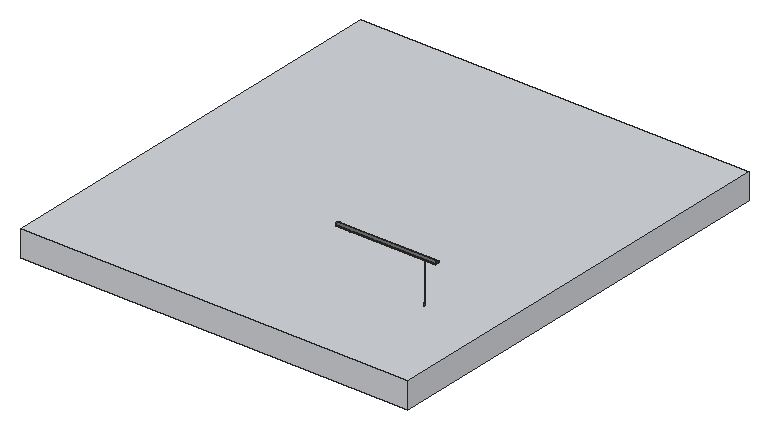
Revit family "ARKOSLIGHT_Divi indirect end", category Luminarias, Revit 2019
Family settings
  Anfitrión = Cara
  Cota de conector redondo = Diámetro de uso
  Tipo de pieza = Normal
  Corte con vacíos al cargar = No
  Origen de luz = No
  Compartido = No
  Punto de cálculo de habitación = No
Parameters (values of type "A5380231NT - DIVI INDIRECT END 3000K NT")
  User cable length [instance] = 533.1 mm
  URL = "https://www.arkoslight.com/en/products/divi/?child=diviindir"
  Modelo = ARKOSLIGHT_Model  # "DIVI"
  Fabricante = "ARKOSLIGHT"  # constant formula
  IES = IES : A5380231NT - DIVI INDIRECT END 3000K NT
  Description = ""
  Cable length [instance] = if(User cable length > 2000 mm, 2000 mm, if(User cable length < 100 mm, 100 mm, User cable length))  # 533.1 mm
  ARKOSLIGHT_IP = "20"
  ARKOSLIGHT_Series = "DIVI INDIRECT MODULE"  # constant formula
  ARKOSLIGHT_Dimming = "No Dim / DALI / Push"
  ARKOSLIGHT_Model = "DIVI"  # constant formula
  ARKOSLIGHT_Reference = "A5380231NT"
  ARKOSLIGHT_Luminous flux = 1650 lm
  ARKOSLIGHT_IES = "A538-02-3-1-NT DIVI INDIRECT END 3000K CRI90.ies"
  ARKOSLIGHT_Color = "Textured black"
  ARKOSLIGHT_Cable_Color = ARKOSLIGHT_Black
  ARKOSLIGHT_Fixture Type = "CUSTOM SYSTEMS"  # constant formula
  ARKOSLIGHT_Efficiency = "51%"
  ARKOSLIGHT_CCT = 3000 K
  ARKOSLIGHT_CRI = "CRI>90"
  ARKOSLIGHT_Body_Secondary_Color = ARKOSLIGHT_Black
  ARKOSLIGHT_Beam Angle = 115.00°
  ARKOSLIGHT_Body_Color = ARKOSLIGHT_Textured black
  Default Elevation = 0 mm
  Carga aparente = ARKOSLIGHT_Apparent Load  # 13.5 VA
  ARKOSLIGHT_Apparent Load = 13.5 VA
Types (2, lengths in mm): name | IES | ARKOSLIGHT_Reference | ARKOSLIGHT_IES | ARKOSLIGHT_Color | ARKOSLIGHT_Cable_Color | ARKOSLIGHT_Efficiency | ARKOSLIGHT_Body_Secondary_Color | ARKOSLIGHT_Body_Color
  A5380231NT - DIVI INDIRECT END 3000K NT | IES : A5380231NT - DIVI INDIRECT END 3000K NT | "A5380231NT" | "A538-02-3-1-NT DIVI INDIRECT END 3000K CRI90.ies" | "Textured black" | ARKOSLIGHT_Black | "51%" | ARKOSLIGHT_Black | ARKOSLIGHT_Textured black
  A5380231WT - DIVI INDIRECT END 3000K WT | IES : A5380231WT - DIVI INDIRECT END 3000K WT | "A5380231WT" | "A538-02-3-1-WT DIVI INDIRECT END 3000K CRI90.ies" | "Textured white" | ARKOSLIGHT_White | "58%" | ARKOSLIGHT_White | ARKOSLIGHT_Textured white
Reference planes
  plane 1 "Center (Front/Back)": y = 0
  plane 2: z = 0
  plane 3 "Center (Left/Right)": x = 0
  plane 4: x = 600
  plane 5: x = -600
  plane 6 "Bottom": z = 533.1
  plane 7: z = 501.029
  plane 8: x = 448
  plane 9 "Left connector": x = -448
  plane 10: x = -592.835
  plane 11: x = -599.5
  plane 12: x = -597.55
  plane 13: x = 592.8
  plane 14: x = 597.5
  plane 15: x = 599.5
  plane 16: y = 21.9
  plane 17: y = -21.9
  plane 18: x = -594.47
  plane 19: x = 594.47
  plane 20: z = 502.629
Forms (mm)
  Extrusion 1, solid
    sketch origin (0, 0, 0) x (1, 0, 0) y (0, 1, 0)
      loop
        line (-3414.25, 3876) -> (-3414.25, -1219.2) -> (1219.2, -1219.2) -> (1219.2, 3876) -> (-3414.25, 3876)
    from 0 to -304.8
  Revolve 2, solid, material "ARKOSLIGHT_Textured black" <- "ARKOSLIGHT_Body_Color"
    sketch origin (-249.517, 0, 1966) x (1, 0, 0) y (0, 0, -1)
      loop
        line (698.717, 1940.969) -> (702.427, 1940.969) -> (702.427, 1966) -> (697.517, 1966) -> (697.517, 1936.471) -> (698.717, 1936.471) -> (698.717, 1940.969)
      axis (697.517, 1936.471) -> (697.517, 1966)
    angle from 0 to 360
  Extrusion 3, solid, material "ARKOSLIGHT_Textured black" <- "ARKOSLIGHT_Body_Color"
    sketch origin (-600, -221.408, 1219.2) x (0, -1, 0) y (0, 0, -1)
      loop
        line (-199.508, 718.171) -> (-201.008, 718.171) -> (-201.008, 708)
        arc (-201.008, 708) -> (-221.408, 687.6) -> (-241.808, 708) r 20.4
        line (-241.808, 708) -> (-241.808, 718.171) -> (-243.308, 718.171) -> (-243.308, 708)
        arc (-243.308, 708) -> (-221.408, 686.1) -> (-199.508, 708) r 21.9
        line (-199.508, 708) -> (-199.508, 718.171)
    from 0 to 1200
  Extrusion 4, solid, material "ARKOSLIGHT_Black" <- "ARKOSLIGHT_Body_Secondary_Color"
    sketch origin (-599.5, -221.408, 1219.2) x (0, -1, 0) y (0, 0, -1)
      loop
        line (-201.308, 718.171) -> (-241.508, 718.171) -> (-241.508, 708)
        arc (-241.508, 708) -> (-221.408, 687.9) -> (-201.308, 708) r 20.1
        line (-201.308, 708) -> (-201.308, 718.171)
    from 0 to 1.95
  Extrusion 5, solid, material "ARKOSLIGHT_Black" <- "ARKOSLIGHT_Body_Secondary_Color"
    sketch origin (-599.5, -221.408, 1219.2) x (0, -1, 0) y (0, 0, -1)
      loop
        line (-201.318, 716.818) -> (-201.318, 718.171) -> (-241.497, 718.171) -> (-241.497, 716.818) -> (-201.318, 716.818)
    from 0 to 6.665
  Extrusion 6, solid, material "ARKOSLIGHT_Black" <- "ARKOSLIGHT_Body_Secondary_Color"
    sketch origin (599.5, -221.408, 1219.2) x (0, -1, 0) y (0, 0, 1)
      loop
        line (-201.308, -718.171) -> (-201.308, -708)
        arc (-201.308, -708) -> (-221.408, -687.9) -> (-241.508, -708) r 20.1
        line (-241.508, -708) -> (-241.508, -718.171) -> (-201.308, -718.171)
    from 0 to 2
  Extrusion 7, solid, material "ARKOSLIGHT_Black" <- "ARKOSLIGHT_Body_Secondary_Color"
    sketch origin (599.5, -221.408, 1219.2) x (0, -1, 0) y (0, 0, 1)
      loop
        line (-201.318, -716.818) -> (-241.497, -716.818) -> (-241.497, -718.171) -> (-201.318, -718.171) -> (-201.318, -716.818)
    from 0 to 6.7
  Extrusion 8, solid, material "ARKOSLIGHT_Light"
    sketch origin (-594.47, -221.408, 1219.2) x (0, -1, 0) y (0, 0, -1)
      loop
        line (-241.497, 715.071) -> (-201.012, 715.071) -> (-201.012, 716.571) -> (-241.497, 716.571) -> (-241.497, 715.071)
    from 0 to 1188.94
  Extrusion 9, solid, material "ARKOSLIGHT_Black" <- "ARKOSLIGHT_Cable_Color"
    sketch origin (0, 0, 0) x (1, 0, 0) y (0, 1, 0)
      loop
        circle (448, 0) r 0.3
    from 29.529 to 502.629
  Revolve 10, solid, material "ARKOSLIGHT_White"
    sketch origin (-896, 0, 468.529) x (1, 0, 0) y (0, 0, 1)
      loop
        line (448, 24.504) -> (453.978, 24.504) -> (453.978, 18.454) -> (457.589, 18.454) -> (457.589, 34.448) -> (458.984, 34.448) -> (458.984, 35.328) -> (461.53, 35.328) -> (461.53, 47.878) -> (448, 47.878) -> (448, 24.504)
      axis (448, 18.454) -> (448, 47.878)
    angle from 0 to 360
  Revolve 11, void
    sketch origin (0, 0, 468.529) x (-1, 0, 0) y (0, 0, -1)
      loop
        line (448, -34.1) -> (448, -36.128) -> (461.53, -36.128) -> (461.53, -35.328) -> (458.984, -35.328) -> (458.984, -34.1) -> (448, -34.1)
      axis (448, -34.1) -> (448, -36.128)
    angle from 0 to 360
Cuts and joins
  joined: Extrusion 4, Extrusion 5
  joined: Extrusion 6, Extrusion 7
  Revolve 11 cuts Extrusion 8
Lines and regions (mm)
  symbolic lines, style "LightingFixturesHiddenLines"
    curve 1: line (435.631, 0, 533.1) -> (460.322, 0, 533.1)
    curve 2: line (448, -12.369, 533.1) -> (448, 12.316, 533.1)
Dimensions and locks
  locked: plane 5 to plane 4 at 1200
  "Cable length": plane 6 "Bottom" to plane 2
  equal spacing: plane 5, plane 3 "Center (Left/Right)", plane 4
  locked: plane 6 "Bottom" to plane 7 at 32.071
  locked: plane 5 to plane 11 at 0.5
  locked: plane 5 to plane 12 at 2.45
  locked: plane 5 to plane 10 at 7.165
  locked: plane 15 to plane 4 at 0.5
  locked: plane 14 to plane 4 at 2.5
  locked: plane 13 to plane 4 at 7.2
  locked: Revolve 2 sketch curve to plane 2 at 25.031
  locked: Revolve 2 sketch curve to plane 2 at 29.529
  locked: plane 8 to Revolve 2 sketch curve at 1.2
  locked: plane 8 to Revolve 2 sketch curve at 4.91
  equal spacing: plane 17, plane 1 "Center (Front/Back)", plane 16
  locked: plane 16 to plane 17 at 43.8
  locked: Extrusion 5 sketch curve to plane 17 at 1.81
  locked: plane 16 to Extrusion 5 sketch curve at 1.81
  locked: plane 16 to Extrusion 7 sketch curve at 1.81
  locked: Extrusion 7 sketch curve to plane 17 at 1.81
  locked: Extrusion 8 sketch curve to plane 17 at 1.505
  locked: plane 16 to Extrusion 8 sketch curve at 1.81
  locked: plane 5 to plane 18 at 5.53
  locked: plane 19 to plane 4 at 5.53
  locked: Extrusion 9 to plane 2 at 29.529
  locked: plane 9 "Left connector" to plane 8 at 896
  equal spacing: plane 9 "Left connector", plane 3 "Center (Left/Right)", plane 8
  locked: plane 17 to Extrusion 3 sketch curve at 1.5
  locked: Extrusion 3 sketch curve to plane 16 at 1.5
  locked: plane 17 to Extrusion 6 sketch curve at 1.8
  locked: Extrusion 6 sketch curve to plane 16 at 1.8
  locked: plane 17 to Extrusion 4 sketch curve at 1.8
  locked: Extrusion 4 sketch curve to plane 16 at 1.8
  locked: Extrusion 7 sketch curve to plane 7 at 1.352
  locked: Extrusion 5 sketch curve to plane 7 at 1.352
  locked: Extrusion 8 sketch curve to plane 7 at 1.6
  locked: Extrusion 8 sketch curve to plane 7 at 3.1
  locked: plane 20 to plane 7 at 1.6
  locked: plane 9 "Left connector" to Revolve 11 sketch curve at 10.984
  locked: plane 9 "Left connector" to Revolve 11 sketch curve at 13.53
  locked: Revolve 11 sketch curve to plane 20 at 1.228
  locked: Revolve 11 sketch curve to plane 20 at 2.028
  locked: Revolve 10 sketch curve to plane 9 "Left connector" at 5.978
  locked: Revolve 10 sketch curve to plane 9 "Left connector" at 9.589
  locked: Revolve 10 sketch curve to plane 9 "Left connector" at 10.984
  locked: Revolve 10 sketch curve to plane 9 "Left connector" at 13.53
  locked: plane 7 to Revolve 10 sketch curve at 14.046
  locked: plane 7 to Revolve 10 sketch curve at 7.996
  locked: Revolve 10 sketch curve to plane 7 at 15.378
  locked: Revolve 10 sketch curve to plane 7 at 2.828
  locked: Revolve 10 sketch curve to plane 7 at 1.948
  aligned and locked: plane 2 to Extrusion 1
  aligned and locked: level to Extrusion 1
  aligned and locked: plane 8 to Revolve 2 sketch curve
  aligned and locked: Revolve 2 sketch curve to plane 8
  aligned and locked: Extrusion 3 to plane 4
  aligned and locked: Extrusion 3 to plane 5
  aligned and locked: plane 12 to Extrusion 4
  aligned and locked: plane 10 to Extrusion 5
  aligned and locked: plane 13 to Extrusion 7
  aligned and locked: plane 14 to Extrusion 6
  aligned and locked: Extrusion 8 to plane 19
  aligned and locked: plane 1 "Center (Front/Back)" to Extrusion 9 sketch curve
  aligned and locked: plane 1 "Center (Front/Back)" to curve 1
  aligned and locked: curve 2 to plane 8
  aligned and locked: plane 7 to Extrusion 3 sketch curve
  aligned and locked: Extrusion 3 sketch curve to plane 7
  aligned and locked: plane 16 to Extrusion 3 sketch curve
  aligned and locked: Extrusion 3 sketch curve to plane 17
  aligned and locked: Extrusion 6 sketch curve to plane 7
  aligned and locked: Extrusion 4 sketch curve to plane 7
  aligned and locked: plane 7 to Extrusion 7 sketch curve
  aligned and locked: plane 7 to Extrusion 5 sketch curve
  aligned and locked: plane 20 to Extrusion 9
  aligned and locked: plane 9 "Left connector" to Revolve 11 sketch curve  (x2)
  aligned and locked: plane 20 to Revolve 11 sketch curve
  aligned and locked: plane 9 "Left connector" to Revolve 10 sketch curve  (x2)
Automatic sketch dimensions
  Extrusion 1 sketch curve to Extrusion 1 sketch curve = 4633.45 mm
  Extrusion 1 sketch curve to Extrusion 1 sketch curve = 5095.2 mm
  Revolve 2 sketch curve to level = 0 mm
  Revolve 2 sketch curve to plane 6 "Bottom" = 270.8 mm
  level to Revolve 2 sketch curve = 1448.333 mm
  Extrusion 3 sketch curve to Extrusion 3 sketch curve = 0 mm
  Extrusion 3 sketch curve to plane 20 = 8.571 mm
  Extrusion 4 sketch curve to plane 20 = 8.571 mm
  plane 20 to Extrusion 6 sketch curve = 8.571 mm
  Extrusion 9 sketch curve to plane 8 = 0 mm
  curve 1 to plane 8 = 12.322 mm
  plane 8 to curve 1 = 12.369 mm
  curve 2 to plane 16 = 9.584 mm
  curve 2 to plane 17 = 9.531 mm
  level to Revolve 10 sketch curve = 147.729 mm
  plane 6 "Bottom" to Revolve 10 sketch curve = 2209.9 mm
  plane 6 "Bottom" to Revolve 11 sketch curve = 2209.9 mm
  level to Revolve 11 sketch curve = 147.729 mm
  radius of Extrusion 9 sketch curve = 0.3 mm
Nested families
  nested 1: "IES" at (0, 0, 501.029) x (1, 0, 0) z (0, 0, -1), type <- "IES", type "A5380231NT - DIVI INDIRECT END 3000K NT"
Connectors
  electrical at (0, 0, 0), driven by "Carga aparente"
    settings: on Extrusion 1, index 1, voltage 230 V, apparent load 0 VA, apparent load phase1 13.5 VA, apparent load phase2 0 VA, apparent load phase3 0 VA, power factor 1, load classification "Lighting", number of poles 1, system type 31, power factor state 1, is connector primary yes, connector utility no, sub classification motor no, connector description ""
Definition of nested family "IES"
  Parameters (values of type "A5380231NT - DIVI INDIRECT END 3000K NT")
    Wattage = 9.2903 W
    built-in parameter 1150110 = 1 (stored number, unit not read)
    URL = "https://www.arkoslight.com/en/products/divi/?child=diviindir"
    built-in parameter 1114217 = 1 (stored number, unit not read)
    built-in parameter 1150109 = 1 (stored number, unit not read)
    built-in parameter 1150134 = 3
    built-in parameter 1150113 = 1 (stored number, unit not read)
    Model = ARKOSLIGHT_Model  # "DIVI"
    Manufacturer = "ARKOSLIGHT"  # constant formula
    built-in parameter 1150105 = 439.27 (stored number, unit not read)
    Lumens = 1380 lm
    built-in parameter 1150115 = 1 (stored number, unit not read)
    Light Source Symbol Size = 50 mm  # constant formula
    built-in parameter 1150137 = (empty or 0)
    built-in parameter 1150139 = (empty or 0)
    built-in parameter 1150112 = 1 (stored number, unit not read)
    built-in parameter 1150114 = 1 (stored number, unit not read)
    built-in parameter 1150132 = (empty or 0)
    built-in parameter 1150102 = (empty or 0)
    built-in parameter 1150107 = 3000 (stored number, unit not read)
    built-in parameter 1150138 = (empty or 0)
    built-in parameter 1150106 = 4.3927 (stored number, unit not read)
    Emit from Rectangle Width = 40.2 mm  # constant formula
    Emit from Rectangle Length = 1185.6 mm  # constant formula
    Emit Shape Visible in Rendering = no
    built-in parameter 1150104 = 13.8 (stored number, unit not read)
    Dimming Lamp Color Temperature Shift = (empty or 0)
    Description = ""
    Color Filter = 16777215
    built-in parameter 1114218 = 1 (stored number, unit not read)
    built-in parameter 1150133 = 10 (stored number, unit not read)
    ARKOSLIGHT_IP = "20"
    ARKOSLIGHT_Series = "DIVI INDIRECT MODULE"  # constant formula
    ARKOSLIGHT_Dimming = "No Dim / DALI / Push"
    ARKOSLIGHT_Model = "DIVI"  # constant formula
    ARKOSLIGHT_Reference = "A5380231NT"
    ARKOSLIGHT_Luminous flux = 1650 lm
    ARKOSLIGHT_IES = "A538-02-3-1-NT DIVI INDIRECT END 3000K CRI90.ies"
    ARKOSLIGHT_Fixture Type = "CUSTOM SYSTEMS"  # constant formula
    ARKOSLIGHT_Efficiency = "51%"
    ARKOSLIGHT_CCT = 3000 K
    ARKOSLIGHT_CRI = "CRI>90"
    ARKOSLIGHT_Beam Angle = 115.00°
    Default Elevation = 0 mm
    Apparent Load = ARKOSLIGHT_Apparent Load  # 13.5 VA
    ARKOSLIGHT_Apparent Load = 13.5 VA
  Types (2, lengths in mm): name | ARKOSLIGHT_Reference | ARKOSLIGHT_IES | ARKOSLIGHT_Efficiency
    A5380231NT - DIVI INDIRECT END 3000K NT | "A5380231NT" | "A538-02-3-1-NT DIVI INDIRECT END 3000K CRI90.ies" | "51%"
    A5380231WT - DIVI INDIRECT END 3000K WT | "A5380231WT" | "A538-02-3-1-WT DIVI INDIRECT END 3000K CRI90.ies" | "58%"
  Reference planes
    plane 1 "Center (Front/Back)": y = 0
    plane 2: z = 0
    plane 3 "Center (Left/Right)": x = 0
    plane 4: x = 600
    plane 5: x = -600
    plane 6: x = -592.835
    plane 7: x = 592.8
    plane 8: y = 21.9
    plane 9: y = -21.9
    plane 10: y = 20.1
    plane 11: y = -20.1
  Forms (mm)
    Extrusion 1, solid
      sketch origin (0, 0, 0) x (1, 0, 0) y (0, 1, 0)
        loop
          line (-3414.25, 3876) -> (-3414.25, -1219.2) -> (1219.2, -1219.2) -> (1219.2, 3876) -> (-3414.25, 3876)
      from 0 to -304.8
  Dimensions and locks
    locked: plane 5 to plane 4 at 1200
    equal spacing: plane 5, plane 3 "Center (Left/Right)", plane 4
    locked: plane 5 to plane 6 at 7.165
    locked: plane 7 to plane 4 at 7.2
    equal spacing: plane 9, plane 1 "Center (Front/Back)", plane 8
    locked: plane 8 to plane 9 at 43.8
    locked: plane 8 to plane 10 at 1.8
    locked: plane 9 to plane 11 at 1.8
    aligned and locked: plane 2 to Extrusion 1
    aligned and locked: level to Extrusion 1
  Automatic sketch dimensions
    Extrusion 1 sketch curve to Extrusion 1 sketch curve = 4633.45 mm
    Extrusion 1 sketch curve to Extrusion 1 sketch curve = 5095.2 mm
